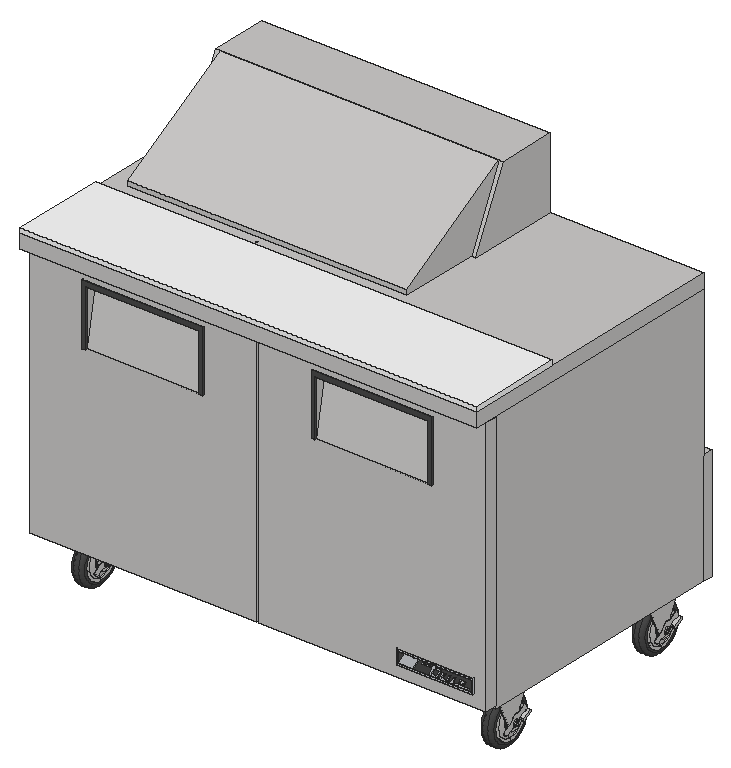
Revit family "QF_TRUE_TSSU-48-08-HC", category Specialty Equipment, Revit 2016
Family settings
  Part Type = Normal
  Round Connector Dimension = Use Diameter
  Work Plane-Based = No
  Always vertical = Yes
  Cut with Voids When Loaded = No
  Shared = No
  Room Calculation Point = No
Parameters
  Weight in Pounds = 295
  Watts = if(Phase = 3, Volts * FL Amps * 1.73, Volts * FL Amps)  # 667 W
  Volts = 115 V
  URL Cutsheet = ""
  Specification by User = ""
  Specification by Manufacturer = ""
  Show 6 Inches Seismic Flanged Legs [instance] = no
  Show Logo [instance] = yes
  Show Default Castors [instance] = if(Show 6 Inches Standard Legs, or(Show 6 Inches Seismic Flanged Legs, Show 2.5 Inches Castors), if(Show 2.5 Inches Castors, Show 6 Inches Seismic Flanged Legs, not(or(Show 6 Inches Seismic Flanged Legs, Show 2.5 Inches Castors, Show 6 Inches Standard Legs))))  # yes
  Show Clearance [instance] = yes
  Show 6 Inches Standard Legs [instance] = no
  Show 2.5 Inches Castors [instance] = no
  Serial Number = ""
  Seismic Rating = ""
  SMACNA No = ""
  Revision Code = ""
  Phase = 1
  Number of Poles = 1
  NAFEM Spec ID Number = ""
  Model = "TSSU-48-08-HC"
  Min Ckt Ampacity = 0 A
  Max Overcurrent Protection = 0 A
  Masterspec = ""
  Manufacturer = "TRUE"
  Length = 48 5/16"
  Item Number = ""
  Installed By = ""
  Identify Quantity as Lot = yes
  Height [instance] = Base Height + Body Height  # 42 15/16"
  HP = "1/3"
  Furnished By = ""
  Foodservice Equipment Identifier = yes
  FL Amps = 5.8 A
  Electrical Remarks = ""
  Electric Connection Type = ""
  Elec Conn RI Height = 0"
  Elec Conn Connection Height = 0"
  Description = "SOLID DOOR SANDWICH/SALAD UNIT WITH HYDROCARBON REFRIGERANT"
  Depth = 30 1/16"
  Cycle = 60 Hz
  Conn Plug = "NEMA 5-15P"
  Conn Conduit = yes
  CSI MasterFormat = ""
  Body Height [instance] = 36 3/4"
  Base Height [instance] = if(Show Default Castors, 6 3/16", if(Show 6 Inches Standard Legs, 6", if(Show 6 Inches Seismic Flanged Legs, 6", if(Show 2.5 Inches Castors, 2 1/2", 6 3/16"))))  # 6 3/16"
  Apparent Power = if(Phase = 3, Volts * FL Amps * 1.73, Volts * FL Amps)  # 667 VA
  6 Inches Standard Legs [instance] = and(Show 6 Inches Standard Legs, not(Show Default Castors))  # no
  6 Inches Seismic Flanged Legs [instance] = and(Show 6 Inches Seismic Flanged Legs, not(Show Default Castors))  # no
  2.5 Inches Castors [instance] = and(Show 2.5 Inches Castors, not(Show Default Castors))  # no
Reference planes (in)
  plane 1 "BACK": y = 0
  plane 2: z = 0
  plane 3 "LEFT": x = 0
  plane 4 "RIGHT": x = 48.3125
  plane 5 "FRONT": y = -30.0625
  plane 6 "TOP": z = 42.9375
  plane 7 "Center Y": x = 24.15625
  plane 8 "Center X": y = -15.03125
  plane 9: y = -51.53125
  plane 10: z = 6.1875
Dimensions and locks (in)
  equal spacing: plane 3 "LEFT", plane 7 "Center Y", plane 4 "RIGHT"
  "Length": plane 3 "LEFT" to plane 4 "RIGHT"
  equal spacing: plane 5 "FRONT", plane 8 "Center X", plane 1 "BACK"
  "Depth": plane 5 "FRONT" to plane 1 "BACK"
  "Base Height": plane 10 to level
  plane 3 "LEFT" to plane 4 "RIGHT" = 48 5/16"
  plane 9 to plane 5 "FRONT" = 21 15/32"  (x2)
  plane 9 to plane 1 "BACK" = 51 17/32"
  "Body Height": plane 6 "TOP" to plane 10
  plane 6 "TOP" to level = 42 15/16"
  aligned and locked: level to plane 2
  aligned and locked: nested 5 to plane 10
Nested families (in)
  nested 1: "CASTORS" at (2.5, -4.5, 0), Show 6" Casters <- "Show Default Castors", Show Seismic flanged legs <- "6 Inches Seismic Flanged Legs", Show Standard Legs <- "6 Inches Standard Legs", Show 2.5" Casters <- "2.5 Inches Castors", type "CASTORS"
    with Type Mark "", Status "", Specification by User "", Show Standard Legs no, Show Seismic flanged legs no, Show 6" Casters yes, Show 2.5" Casters no, Revision Code "", Key Locks yes, Item Number "", Installed By "", Identify Quantity as Lot yes, Furnished By "", Foodservice Equipment Identifier yes
  nested 2: "CASTORS" at (45.8125, -4.5, 0), Show 6" Casters <- "Show Default Castors", Show Seismic flanged legs <- "6 Inches Seismic Flanged Legs", Show Standard Legs <- "6 Inches Standard Legs", Show 2.5" Casters <- "2.5 Inches Castors", type "CASTORS"
    with Type Mark "", Status "", Specification by User "", Show Standard Legs no, Show Seismic flanged legs no, Show 6" Casters yes, Show 2.5" Casters no, Revision Code "", Key Locks yes, Item Number "", Installed By "", Identify Quantity as Lot yes, Furnished By "", Foodservice Equipment Identifier yes
  nested 3: "CASTORS" at (45.8125, -24.5, 0), Show 6" Casters <- "Show Default Castors", Show Seismic flanged legs <- "6 Inches Seismic Flanged Legs", Show Standard Legs <- "6 Inches Standard Legs", Show 2.5" Casters <- "2.5 Inches Castors", type "CASTORS"
    with Type Mark "", Status "", Specification by User "", Show Standard Legs no, Show Seismic flanged legs no, Show 6" Casters yes, Show 2.5" Casters no, Revision Code "", Key Locks yes, Item Number "", Installed By "", Identify Quantity as Lot yes, Furnished By "", Foodservice Equipment Identifier yes
  nested 4: "CASTORS" at (2.5, -24.5, 0), Show 6" Casters <- "Show Default Castors", Show Seismic flanged legs <- "6 Inches Seismic Flanged Legs", Show Standard Legs <- "6 Inches Standard Legs", Show 2.5" Casters <- "2.5 Inches Castors", type "CASTORS"
    with Type Mark "", Status "", Specification by User "", Show Standard Legs no, Show Seismic flanged legs no, Show 6" Casters yes, Show 2.5" Casters no, Revision Code "", Key Locks yes, Item Number "", Installed By "", Identify Quantity as Lot yes, Furnished By "", Foodservice Equipment Identifier yes
  nested 5: "TSSU-48-08-HC" at (0, 0, 0), Show Logo <- "Show Logo", Show Clearance <- "Show Clearance", type "TSSU-48-08-HC"
    with Show Logo yes, Show Clearance yes
Connectors (in)
  electrical at (44.42522, 1, 12.676), driven by "Volts", driven by "Watts"
    settings: on nested 5, index 1, voltage 115 V, apparent load 667 VA, apparent load phase1 0 VA, apparent load phase2 0 VA, apparent load phase3 0 VA, power factor 1, load classification "Other", number of poles 1, system type 30, power factor state 1, is connector primary yes, connector utility no, sub classification motor no, connector description "ELECTRICAL CONNECTION"
Definition of nested family "CASTORS"
  Parameters (values of type "CASTORS")
    Weight = ""
    URL Manufacturer = ""
    URL Cutsheet = ""
    URL = ""
    Type Mark [instance] = ""
    Status [instance] = ""
    Specification by User [instance] = ""
    Specification by Manufacturer = ""
    Show Standard Legs [instance] = yes
    Show Seismic flanged legs [instance] = yes
    Show 6" Casters [instance] = yes
    Show 2.5" Casters [instance] = yes
    Serial Number = ""
    Seismic Rating = ""
    SMACNA No = ""
    Revision Code [instance] = ""
    Omniclass Number and Title = ""
    NAFEM Spec ID Number = ""
    Model = ""
    MasterSpec. = ""
    Manufacturer = ""
    Key Locks [instance] = yes
    Item Number [instance] = ""
    Installed By [instance] = ""
    Identify Quantity as Lot [instance] = yes
    Furnished By [instance] = ""
    Foodservice Equipment Identifier [instance] = yes
    Description = ""
    CSI MasterFormat = ""
    CSI Master Format = ""
    Assembly Code = ""
  Reference planes (in)
    plane 1: z = 0
    plane 2 "RIGHT": x = 0
    plane 3 "FRONT": y = 0
    plane 4 "TOP": z = 6
    plane 5: z = 6.1875
  Forms (in)
    Revolve 1, solid, visible <- "Show 6" Casters"
      sketch origin (0, 2.21793, 0) x (0, 1, 0) y (0, 0, 1)
        loop
          line (-2.21793, 6.1875) -> (-2.21793, 5.55584) -> (-0.93693, 5.55584) -> (-0.93693, 6.1875) -> (-2.21793, 6.1875)
        axis (-2.21793, 5.55584) -> (-2.21793, 6.1875)
      angle from 0 to 360
    Extrusion 2, solid, visible <- "Show 6" Casters"
      sketch origin (-1.81294, 2.21793, 0) x (0, 1, 0) y (0, 0, 1)
        loop
          line (-3.37793, 5.55584) -> (-3.37793, 5.25584) -> (-3.23369, 5.25584)
          arc (-3.23369, 5.25584) -> (-3.1238, 5.20977) -> (-3.03725, 5.12786) r 0.33195
          line (-3.03725, 5.12786) -> (-1.55521, 1.94961)
          arc (-1.55521, 1.94961) -> (-0.54268, 1.81523) -> (-0.22336, 2.78544) r 0.8
          arc (-0.22336, 2.78544) -> (-0.27816, 2.89808) -> (-0.34988, 3.00079) r 0.8
          arc (-0.34988, 3.00079) -> (-0.37005, 3.3613) -> (-0.26088, 3.70547) r 1
          line (-0.26088, 3.70547) -> (0.31507, 4.78867)
          arc (0.31507, 4.78867) -> (-0.09241, 4.97284) -> (-0.5252, 5.08531) r 2.63
          line (-0.5252, 5.08531) -> (-0.54193, 5.25584) -> (-1.05793, 5.25584) -> (-1.05793, 5.55584) -> (-3.37793, 5.55584)
      from 0.78968 to 0.90247
    Extrusion 3, solid, visible <- "Show 6" Casters"
      sketch origin (0.13094, 2.21793, 0) x (0, 1, 0) y (0, 0, 1)
        loop
          line (-3.37793, 5.55584) -> (-3.37793, 5.25584) -> (-3.23369, 5.25584)
          arc (-3.23369, 5.25584) -> (-3.1238, 5.20977) -> (-3.03725, 5.12786) r 0.33195
          line (-3.03725, 5.12786) -> (-1.55521, 1.94961)
          arc (-1.55521, 1.94961) -> (-0.54268, 1.81523) -> (-0.22336, 2.78544) r 0.8
          arc (-0.22336, 2.78544) -> (-0.27816, 2.89808) -> (-0.34988, 3.00079) r 0.8
          arc (-0.34988, 3.00079) -> (-0.37005, 3.3613) -> (-0.26088, 3.70547) r 1
          line (-0.26088, 3.70547) -> (0.31507, 4.78867)
          arc (0.31507, 4.78867) -> (-0.09241, 4.97284) -> (-0.5252, 5.08531) r 2.63
          line (-0.5252, 5.08531) -> (-0.54193, 5.25584) -> (-1.05793, 5.25584) -> (-1.05793, 5.55584) -> (-3.37793, 5.55584)
      from 0.78968 to 0.90247
    Extrusion 4, solid, visible <- "Show 6" Casters"
      sketch origin (-1.93794, 2.21793, 0) x (0, 1, 0) y (0, 0, 1)
        loop
          line (-3.37793, 5.55584) -> (-3.37793, 5.25584) -> (-3.23369, 5.25584) -> (-0.7432, 5.03796) -> (0.2811, 4.72479) -> (0.31507, 4.78867)
          arc (0.31507, 4.78867) -> (-0.09241, 4.97284) -> (-0.5252, 5.08531) r 2.63
          line (-0.5252, 5.08531) -> (-0.54193, 5.25584) -> (-1.05793, 5.25584) -> (-1.05793, 5.55584) -> (-3.37793, 5.55584)
      from 1.02747 to 2.85669
    Revolve 5, solid, visible <- "Show 6" Casters"
      sketch origin (-1.93794, 1.21343, 0) x (1, 0, 0) y (0, 0, 1)
        loop
          line (0.5843, 2.5041) -> (3.2907, 2.5041) -> (3.2907, 2.6421) -> (3.2407, 2.6921) -> (3.1807, 2.6921) -> (3.1807, 2.8278) -> (2.7025, 2.8278) -> (2.7025, 3.22009) -> (2.5625, 3.30092) -> (2.42847, 4.1291) -> (2.59375, 4.1291) -> (2.59375, 4.3791) -> (2.5625, 4.3791) -> (2.5625, 4.6291)
          arc (2.5625, 4.6291) -> (2.45267, 4.89426) -> (2.1875, 5.0041) r 0.375
          line (2.1875, 5.0041) -> (1.6875, 5.0041)
          arc (1.6875, 5.0041) -> (1.42233, 4.89426) -> (1.3125, 4.6291) r 0.375
          line (1.3125, 4.6291) -> (1.3125, 4.3791) -> (1.28125, 4.3791) -> (1.28125, 4.1291) -> (1.44653, 4.1291) -> (1.31307, 3.30443) -> (1.1725, 3.22327) -> (1.1725, 2.8278) -> (0.6943, 2.8278) -> (0.6943, 2.6921) -> (0.6343, 2.6921) -> (0.5843, 2.6421) -> (0.5843, 2.5041)
        axis (0.5843, 2.5041) -> (3.2907, 2.5041)
      angle from 0 to 360
    Extrusion 6, solid, visible <- "Show 6" Casters"
      sketch origin (1.125, 2.28164, 0.06473) x (0, 1, 0) y (0, 0, 1)
        loop
          line (-2.58496, 2.03961) -> (-2.48146, 1.86034)
          arc (-2.48146, 1.86034) -> (-2.2914, 1.71451) -> (-2.05389, 1.74578) r 0.313
          line (-2.05389, 1.74578) -> (-1.65224, 1.97767)
          arc (-1.65224, 1.97767) -> (-1.57675, 2.00894) -> (-1.49574, 2.01961) r 0.313
          line (-1.49574, 2.01961) -> (-0.75504, 2.01961)
          arc (-0.75504, 2.01961) -> (-0.50047, 2.10967) -> (-0.33862, 2.32583) r 0.46592
          arc (-0.33862, 2.32583) -> (-0.3435, 2.357) -> (-0.36609, 2.37904) r 0.05
          arc (-0.36609, 2.37904) -> (-0.62217, 2.51108) -> (-0.52795, 2.78336) r 0.22
          line (-0.52795, 2.78336) -> (0.14284, 3.17074)
          arc (0.14284, 3.17074) -> (0.24081, 3.14321) -> (0.21087, 3.04595) r 0.07109
          line (0.21087, 3.04595) -> (0.3415, 2.91533)
          arc (0.3415, 2.91533) -> (0.46473, 3.10362) -> (0.42979, 3.32592) r 0.313
          line (0.42979, 3.32592) -> (0.23309, 3.66661) -> (-0.54633, 3.21661)
          arc (-0.54633, 3.21661) -> (-0.67098, 3.20163) -> (-0.79652, 3.20306) r 0.9589
          arc (-0.79652, 3.20306) -> (-1.13602, 3.13035) -> (-1.38688, 2.89031) r 0.63657
          arc (-1.38688, 2.89031) -> (-1.45411, 2.76529) -> (-1.53273, 2.64711) r 1.51617
          line (-1.53273, 2.64711) -> (-1.89213, 2.43961) -> (-2.58496, 2.03961)
      from 0 to 0.0625
    Extrusion 7, solid, visible <- "Show 6" Casters"
      sketch origin (1.125, 2.28164, 0.06473) x (0, 1, 0) y (0, 0, 1)
        loop
          arc (-0.45692, 2.6604) -> (-0.48136, 2.54745) -> (-0.36656, 2.53415) r 0.078
          line (-0.36656, 2.53415) -> (0.3415, 2.91533)
          arc (0.3415, 2.91533) -> (0.44304, 3.03852) -> (0.47061, 3.19578) r 0.313
          line (0.47061, 3.19578) -> (-0.45692, 2.6604)
      from 0 to 0.5
    Extrusion 8, solid, visible <- "Show 6" Casters"
      sketch origin (-1.125, 2.28164, 0.06473) x (0, 1, 0) y (0, 0, -1)
        loop
          line (-2.58496, -2.03961) -> (-1.89213, -2.43961) -> (-1.53273, -2.64711)
          arc (-1.53273, -2.64711) -> (-1.45411, -2.76529) -> (-1.38688, -2.89031) r 1.51617
          arc (-1.38688, -2.89031) -> (-1.13602, -3.13035) -> (-0.79652, -3.20306) r 0.63657
          arc (-0.79652, -3.20306) -> (-0.67098, -3.20163) -> (-0.54633, -3.21661) r 0.9589
          line (-0.54633, -3.21661) -> (0.23309, -3.66661) -> (0.42979, -3.32592)
          arc (0.42979, -3.32592) -> (0.46473, -3.10362) -> (0.3415, -2.91533) r 0.313
          line (0.3415, -2.91533) -> (0.21087, -3.04595)
          arc (0.21087, -3.04595) -> (0.24081, -3.14321) -> (0.14284, -3.17074) r 0.07109
          line (0.14284, -3.17074) -> (-0.52795, -2.78336)
          arc (-0.52795, -2.78336) -> (-0.62217, -2.51108) -> (-0.36609, -2.37904) r 0.22
          arc (-0.36609, -2.37904) -> (-0.3435, -2.357) -> (-0.33862, -2.32583) r 0.05
          arc (-0.33862, -2.32583) -> (-0.50047, -2.10967) -> (-0.75504, -2.01961) r 0.46592
          line (-0.75504, -2.01961) -> (-1.49574, -2.01961)
          arc (-1.49574, -2.01961) -> (-1.57675, -2.00894) -> (-1.65224, -1.97767) r 0.313
          line (-1.65224, -1.97767) -> (-2.05389, -1.74578)
          arc (-2.05389, -1.74578) -> (-2.2914, -1.71451) -> (-2.48146, -1.86034) r 0.313
          line (-2.48146, -1.86034) -> (-2.58496, -2.03961)
      from 0 to 0.0625
    Extrusion 9, solid, visible <- "Show 6" Casters"
      sketch origin (-1.125, 2.28164, 0.06473) x (0, 1, 0) y (0, 0, -1)
        loop
          line (-0.45692, -2.6604) -> (0.47061, -3.19578)
          arc (0.47061, -3.19578) -> (0.44304, -3.03852) -> (0.3415, -2.91533) r 0.313
          line (0.3415, -2.91533) -> (-0.36656, -2.53415)
          arc (-0.36656, -2.53415) -> (-0.48136, -2.54745) -> (-0.45692, -2.6604) r 0.078
      from 0 to 0.5
    Revolve 10, solid, visible <- "Show Standard Legs"
      sketch origin (11.12172, 0, 0) x (-1, 0, 0) y (0, 0, -1)
        loop
          line (11.12172, -6.125) -> (11.12172, 0) -> (10.62172, 0) -> (10.62172, -1.30261) -> (10.37172, -1.30261) -> (10.37172, -6.125) -> (11.12172, -6.125)
        axis (11.12172, 0) -> (11.12172, -6.125)
      angle from 0 to 360
    Extrusion 11, solid, visible <- "Show Seismic flanged legs"
      sketch origin (0, 0, 0) x (1, 0, 0) y (0, 1, 0)
        loop
          circle (-0.00825, 0) r 1
      from 0 to 0.125
    Revolve 12, solid, visible <- "Show Seismic flanged legs"
      sketch origin (11.12172, 0, 0) x (-1, 0, 0) y (0, 0, -1)
        loop
          line (11.12172, -6.125) -> (11.12172, -0.125) -> (10.62172, -0.125) -> (10.62172, -1.30261) -> (10.37172, -1.30261) -> (10.37172, -6.125) -> (11.12172, -6.125)
        axis (11.12172, -0.125) -> (11.12172, -6.125)
      angle from 0 to 360
    Revolve 13, solid, visible <- "Show Standard Legs"
      sketch origin (-2.21793, 0, 0.25) x (-1, 0, 0) y (0, 0, 1)
        loop
          line (-2.21793, 5.875) -> (-2.21793, 5.55584) -> (-0.93693, 5.55584) -> (-0.93693, 5.875) -> (-2.21793, 5.875)
        axis (-2.21793, 5.55584) -> (-2.21793, 5.875)
      angle from 0 to 360
  Cuts and joins
    joined: Extrusion 2, Extrusion 3, Extrusion 4
  Lines and regions (in)
    symbolic lines, visible <- "Show 6" Casters"
      curve 1: line (0.70901, 2.6399, 0) -> (1.79507, 2.01286, 0)
      curve 2: line (-1.79099, -1.69023, 0) -> (-0.91599, -0.17468, 0)
      curve 3: line (-0.70493, -2.31727, 0) -> (-1.79099, -1.69023, 0)
      curve 4: line (1.79507, 2.01286, 0) -> (0.92007, 0.49732, 0)
      curve 5: line (-0.16599, 1.12436, 0) -> (0.70901, 2.6399, 0)
      curve 6: line (0.17007, -0.80172, 0) -> (-0.70493, -2.31727, 0)
  Dimensions and locks (in)
    plane 4 "TOP" to level = 6"  (x2)
    Revolve 5 sketch curve to Revolve 5 sketch curve = 2 1/2"
    plane 5 to level = 6 3/16"
    locked: Revolve 10 sketch curve to Revolve 10 sketch curve at 1.30261
    locked: Revolve 10 sketch curve to Revolve 10 sketch curve at 0.75
    locked: Revolve 12 sketch curve to Revolve 12 sketch curve at 0.75
    aligned and locked: level to plane 1
  Nested families (in)
    nested 1: "2.5 INCHES_CASTER" at (0, 0, 0), visible <- "Show 2.5" Casters", type "2.5 INCHES_CASTER"
      with Type Mark "", Specification by User "", Revision Code "", Item Number "", Installed By "", Identify Quantity as Lot yes, Furnished By "", Foodservice Equipment Identifier yes, 2.5 Inches Caster yes
  Definition of nested family "2.5 INCHES_CASTER"
    Parameters (values of type "2.5 INCHES_CASTER")
      Weight = ""
      URL Manufacturer = ""
      URL Cutsheet = ""
      URL = ""
      Type Mark [instance] = ""
      Specification by User [instance] = ""
      Specification by Manufacturer = ""
      Serial Number = ""
      Seismic Rating = ""
      SMACNA No = ""
      Revision Code [instance] = ""
      Omniclass Number and Title = ""
      NAFEM Spec ID Number = ""
      Model = ""
      MasterSpec. = ""
      Manufacturer = ""
      Item Number [instance] = ""
      Installed By [instance] = ""
      Identify Quantity as Lot [instance] = yes
      Furnished By [instance] = ""
      Foodservice Equipment Identifier [instance] = yes
      Description = ""
      CSI MasterFormat = ""
      CSI Master Format = ""
      Assembly Code = ""
      2.5 Inches Caster [instance] = yes
    Reference planes (in)
      plane 1: z = 0
      plane 2 "RIGHT": x = 0
      plane 3 "FRONT": y = 0
      plane 4 "TOP": z = 2.5
    Forms (in)
      Revolve 1, solid
        sketch origin (-1.93794, 0.46818, -1.0041) x (1, 0, 0) y (0, 0, 1)
          loop
            line (0.74055, 1.92597) -> (0.74055, 1.85047) -> (0.79055, 1.80047) -> (0.85055, 1.80047) -> (0.85055, 1.6804) -> (1.235, 1.6804) -> (1.235, 1.61305) -> (1.38673, 1.52545) -> (1.4003, 1.4416) -> (1.34375, 1.4416) -> (1.34375, 1.3166) -> (1.375, 1.3166) -> (1.375, 1.0041) -> (2.48438, 1.0041) -> (2.48438, 1.3166) -> (2.51563, 1.3166) -> (2.51563, 1.4416) -> (2.45908, 1.4416) -> (2.47322, 1.52897) -> (2.62438, 1.61624) -> (2.62438, 1.6804) -> (3.04007, 1.6804) -> (3.04007, 1.80047) -> (3.10007, 1.80047) -> (3.15007, 1.85047) -> (3.15007, 1.92597) -> (0.74055, 1.92597)
          axis (0.74055, 1.92597) -> (3.15007, 1.92597)
        angle from 0 to 360
      Extrusion 2, solid
        sketch origin (-1.93794, 1.43296, -3.2541) x (0, 1, 0) y (0, 0, 1)
          loop
            line (-0.64294, 5.43229) -> (-0.64294, 5.55298) -> (-2.21294, 5.55298) -> (-2.21294, 5.30272) -> (-1.81966, 5.30272)
            arc (-1.81966, 5.30272) -> (-1.13638, 5.20789) -> (-0.46376, 5.05475) r 8.02767
            arc (-0.46376, 5.05475) -> (-0.19511, 4.95469) -> (0.05138, 4.80832) r 1.60049
            line (0.05138, 4.80832) -> (0.12713, 4.91318)
            arc (0.12713, 4.91318) -> (-0.07255, 5.06376) -> (-0.29048, 5.18644) r 1.8753
            line (-0.29048, 5.18644) -> (-0.22239, 5.30423)
            arc (-0.22239, 5.30423) -> (-0.42776, 5.38437) -> (-0.64294, 5.43229) r 1.44292
        from 1.17357 to 2.70231
      Revolve 3, solid
        sketch origin (0, 1.73858, -3.75) x (0, 1, 0) y (0, 0, 1)
          loop
            line (-1.73858, 6.25) -> (-1.73858, 6.04889) -> (-1.05793, 6.04889) -> (-1.05793, 6.25) -> (-1.73858, 6.25)
          axis (-1.73858, 6.04889) -> (-1.73858, 6.25)
        angle from 0 to 360
      Extrusion 4, solid
        sketch origin (-1.98481, 1.43296, -1.7541) x (0, 1, 0) y (0, 0, 1)
          loop
            line (-2.21294, 4.05298) -> (-2.21294, 3.80272) -> (-2.13999, 3.80272)
            arc (-2.13999, 3.80272) -> (-1.62379, 3.51899) -> (-1.39241, 2.97729) r 0.90292
            arc (-1.39241, 2.97729) -> (-1.36136, 2.78161) -> (-1.29729, 2.59413) r 1.15385
            arc (-1.29729, 2.59413) -> (-0.94802, 2.37355) -> (-0.6121, 2.61396) r 0.37001
            arc (-0.6121, 2.61396) -> (-0.59625, 2.66241) -> (-0.58446, 2.712) r 0.61695
            arc (-0.58446, 2.712) -> (-0.36134, 3.11665) -> (0.05609, 3.31484) r 0.75313
            line (0.05609, 3.31484) -> (0.12713, 3.41318)
            arc (0.12713, 3.41318) -> (-0.07255, 3.56376) -> (-0.29048, 3.68644) r 1.8753
            line (-0.29048, 3.68644) -> (-0.22239, 3.80423)
            arc (-0.22239, 3.80423) -> (-0.42776, 3.88437) -> (-0.64294, 3.93229) r 1.44292
            line (-0.64294, 3.93229) -> (-0.64294, 4.05298) -> (-2.21294, 4.05298)
        from 2.74918 to 2.90825
      Extrusion 5, solid
        sketch origin (1.98481, 1.43296, -1.7541) x (0, 1, 0) y (0, 0, -1)
          loop
            line (-2.21294, -4.05298) -> (-0.64294, -4.05298) -> (-0.64294, -3.93229)
            arc (-0.64294, -3.93229) -> (-0.42776, -3.88437) -> (-0.22239, -3.80423) r 1.44292
            line (-0.22239, -3.80423) -> (-0.29048, -3.68644)
            arc (-0.29048, -3.68644) -> (-0.07255, -3.56376) -> (0.12713, -3.41318) r 1.8753
            line (0.12713, -3.41318) -> (0.05609, -3.31484)
            arc (0.05609, -3.31484) -> (-0.36134, -3.11665) -> (-0.58446, -2.712) r 0.75313
            arc (-0.58446, -2.712) -> (-0.59625, -2.66241) -> (-0.6121, -2.61396) r 0.61695
            arc (-0.6121, -2.61396) -> (-0.94802, -2.37355) -> (-1.29729, -2.59413) r 0.37001
            arc (-1.29729, -2.59413) -> (-1.36136, -2.78161) -> (-1.39241, -2.97729) r 1.15385
            arc (-1.39241, -2.97729) -> (-1.62379, -3.51899) -> (-2.13999, -3.80272) r 0.90292
            line (-2.13999, -3.80272) -> (-2.21294, -3.80272) -> (-2.21294, -4.05298)
        from 2.74918 to 2.90825
    Lines and regions (in)
      symbolic lines, visible <- "2.5 Inches Caster"
        curve 1: line (0.19673, 1.08498, 0) -> (0.89966, 0.67914, 0)
        curve 2: line (-0.80327, -0.64707, 0) -> (0.19673, 1.08498, 0)
        curve 3: line (-0.10034, -1.05291, 0) -> (-0.80327, -0.64707, 0)
        curve 4: line (0.89966, 0.67914, 0) -> (-0.10034, -1.05291, 0)
    Dimensions and locks (in)
      plane 4 "TOP" to level = 2 1/2"  (x2)
      aligned and locked: level to plane 1
Definition of nested family "TSSU-48-08-HC"
  Parameters (values of type "TSSU-48-08-HC")
    Weight in Pounds = 295
    Watts = if(Phase = 3, Volts * FL Amps * 1.73, Volts * FL Amps)  # 667 W
    Volts = 115 V
    URL Cutsheet = ""
    Specification by User = ""
    Specification by Manufacturer = ""
    Show Logo [instance] = yes
    Show Clearance [instance] = yes
    Serial Number = ""
    Seismic Rating = ""
    SMACNA No = ""
    Revision Code = ""
    Phase = 1
    Number of Poles = 1
    NAFEM Spec ID Number = ""
    Model = "TSSU-48-08-HC"
    Min Ckt Ampacity = 0 A
    Max Overcurrent Protection = 0 A
    Masterspec = ""
    Manufacturer = "TRUE"
    Length = 48 5/16"
    Item Number = ""
    Installed By = ""
    Identify Quantity as Lot = yes
    Height = 42 15/16"
    HP = "1/3"
    Furnished By = ""
    Foodservice Equipment Identifier = yes
    FL Amps = 5.8 A
    Electrical Remarks = ""
    Electric Connection Type = ""
    Elec Conn RI Height = 0"
    Elec Conn Connection Height = 0"
    Description = "SOLID DOOR SANDWICH/SALAD UNIT WITH HYDROCARBON REFRIGERANT"
    Depth = 30 1/16"
    Cycle = 60 Hz
    Conn Plug = "NEMA 5-15P"
    Conn Conduit = yes
    CSI MasterFormat = ""
    Apparent Power = if(Phase = 3, Volts * FL Amps * 1.73, Volts * FL Amps)  # 667 VA
  Reference planes (in)
    plane 1 "BACK": y = 0
    plane 2: z = 0
    plane 3 "LEFT": x = 0
    plane 4 "RIGHT": x = 48.3125
    plane 5 "FRONT": y = -30.0625
    plane 6 "TOP": z = 42.9375
    plane 7 "Center Y": x = 24.15625
    plane 8 "Center X": y = -15.03125
    plane 9: y = -51.53125
    plane 10: y = 1
    plane 11: z = 6.1875
    plane 12: z = 3.875
    plane 13: x = 2.5
    plane 14: x = 71.8125
  Forms (in)
    Extrusion 1, solid, visible <- "Show Clearance", detail levels coarse
      sketch origin (0, 0.5, 0) x (0, 1, 0) y (0, 0, 1)
        loop
          line (-6.625, 42.9375) -> (-10.375, 46.6875)
          arc (-10.375, 46.6875) -> (-16.31632, 42.66452) -> (-18.8125, 35.9375) r 11.75537
          line (-18.8125, 35.9375) -> (-6.625, 42.9375)
      from 2.03125 to 31.53125
    Extrusion 2, solid
      sketch origin (0, 1, 0) x (0, 1, 0) y (0, 0, 1)
        loop
          line (-31.0625, 35.4375) -> (-31.0625, 33.9375) -> (-1, 33.9375) -> (-1, 35.4375) -> (-31.0625, 35.4375)
      from 0 to 48.3125
    Extrusion 3, solid
      sketch origin (0, 1, 0) x (0, 1, 0) y (0, 0, 1)
        loop
          line (-31.0625, 35.4375) -> (-21.0625, 35.4375) -> (-21.0625, 35.9375) -> (-31.0625, 35.9375) -> (-31.0625, 35.4375)
      from 0 to 48.3125
    Extrusion 4, solid
      sketch origin (0, 1, 0) x (0, 1, 0) y (0, 0, 1)
        loop
          line (-1, 42.9375) -> (-7.125, 42.9375) -> (-10.78299, 35.4375) -> (-1, 35.4375) -> (-1, 42.9375)
      from 1.53125 to 32.03125
    Extrusion 5, solid
      sketch origin (0, 1, 0) x (0, 1, 0) y (0, 0, 1)
        loop
          line (-7.125, 42.9375) -> (-19.3125, 35.9375) -> (-19.3125, 35.4375) -> (-10.78299, 35.4375) -> (-7.125, 42.9375)
      from 2.03125 to 31.53125
    Extrusion 6, solid
      sketch origin (0, 1, 0) x (0, 1, 0) y (0, 0, 1)
        loop
          line (-1, 33.9375) -> (-28.5625, 33.9375) -> (-28.5625, 6.1875) -> (-1, 6.1875) -> (-1, 33.9375)
      from 0 to 48.3125
    Extrusion 7, solid
      sketch origin (64.0625, -27.5625, 31.6875) x (0, 0, -1) y (-1, 0, 0)
        loop
          line (-2.125, 64.0625) -> (-2.125, 40.03125) -> (25.25, 40.03125) -> (25.25, 64.0625) -> (-2.125, 64.0625)
        loop
          line (25.25, 15.75) -> (25.25, 39.78125) -> (-2.125, 39.78125) -> (-2.125, 15.75) -> (25.25, 15.75)
        loop
          line (5.71362, 58.04687) -> (-0.78638, 58.04687) -> (-0.78638, 46.04687) -> (5.71362, 46.04687) -> (5.71362, 58.04687)
        loop
          line (5.71362, 33.76562) -> (-0.78638, 33.76562) -> (-0.78638, 21.76562) -> (5.71362, 21.76562) -> (5.71362, 33.76562)
      from 0 to -1.25
    Revolve 8, solid
      sketch origin (6, 1, 0) x (0, 1, 0) y (0, 0, 1)
        loop
          line (-0.60959, 31.00269) -> (-1, 31.00269) -> (-1, 30.3931) -> (0, 30.3931)
          arc (0, 30.3931) -> (-0.17855, 30.82414) -> (-0.60959, 31.00269) r 0.60959
        axis (0, 30.3931) -> (-1, 30.3931)
      angle from 0 to 360
    Extrusion 9, solid
      sketch origin (-6.875, 1, 2.25) x (0, 1, 0) y (0, 0, 1)
        loop
          line (-1.5, 3.9375) -> (-24.63489, 3.9375) -> (-24.63489, 1.625) -> (-1.5, 1.625) -> (-1.5, 3.9375)
      from 22.9375 to 35.5625
    Extrusion 10, solid
      sketch origin (5.96875, -27.5625, 25.97388) x (0, 0, 1) y (0, -1, 0)
        loop
          line (0, 1.25) -> (0, 0) -> (6.5, 0) -> (0, 1.25)
      from 12.04688 to 0.04688
    Sweep 11, solid
      path origin (-3.46875, 0.20441, 3.45605) x (1, 0, 0) y (0, -0.498053, 0.867146)
        loop
          line (22.25, 35.4375) -> (22.25, 35.6875)
          arc (22.25, 35.6875) -> (22.10355, 36.04105) -> (21.75, 36.1875) r 0.5
          line (21.75, 36.1875) -> (18.75, 36.1875)
          arc (18.75, 36.1875) -> (18.39645, 36.04105) -> (18.25, 35.6875) r 0.5
          line (18.25, 35.6875) -> (18.25, 35.4375)
      profile origin (16.78125, -17.81889, 34.83591) x (0, 0.498053, -0.867146) y (0, -0.867146, -0.498053)
        loop
          circle (0, 0) r 0.25
    Extrusion 12, solid
      sketch origin (0, 0.875, 8.4375) x (0, 0, 1) y (1, 0, 0)
        loop
          circle (4.2385, 44.42522) r 0.5
      from 0 to 0.125
    Extrusion 13, solid
      sketch origin (64.0625, -28.8125, 31.6875) x (0, 0, 1) y (-1, 0, 0)
        loop
          line (-5.71362, 58.42187) -> (-5.71362, 58.04687) -> (0.28638, 58.04687) -> (0.28638, 46.04687) -> (-5.71362, 46.04687) -> (-5.71362, 45.67187) -> (0.78638, 45.67187) -> (0.78638, 58.42187) -> (-5.71362, 58.42187)
      from 0 to 0.125
    Extrusion 14, solid
      sketch origin (42.34375, -27.5625, 25.97388) x (0, 0, 1) y (0, 1, 0)
        loop
          line (0, -1.25) -> (6.5, 0) -> (0, 0) -> (0, -1.25)
      from 12.04688 to 0.04688
    Extrusion 15, solid
      sketch origin (-15.75, -28.8125, 31.6875) x (0, 0, 1) y (-1, 0, 0)
        loop
          line (-5.71362, -58.42187) -> (0.78638, -58.42187) -> (0.78638, -45.67187) -> (-5.71362, -45.67187) -> (-5.71362, -46.04687) -> (0.28638, -46.04687) -> (0.28638, -58.04687) -> (-5.71362, -58.04687) -> (-5.71362, -58.42187)
      from 0 to 0.125
    Revolve 16, solid
      sketch origin (42.3125, 1, 0) x (0, 1, 0) y (0, 0, -1)
        loop
          arc (-0.60959, -31.00269) -> (-0.17855, -30.82414) -> (0, -30.3931) r 0.60959
          line (0, -30.3931) -> (-1, -30.3931) -> (-1, -31.00269) -> (-0.60959, -31.00269)
        axis (0, -30.3931) -> (-1, -30.3931)
      angle from 0 to 360
    Extrusion 17, solid
      sketch origin (0, 0, 0) x (0, 1, 0) y (0, 0, 1)
        loop
          line (0, 6.1875) -> (1, 6.1875) -> (1, 18.1875) -> (0, 18.1875) -> (0, 6.1875)
      from 0 to 48.3125
    Extrusion 18, solid, visible <- "Show Clearance", detail levels coarse
      sketch origin (48.3125, -27.5625, 6.4375) x (0, 1, 0) y (1, 0, 0)
        loop
          line (-1.25, -48.3125) -> (-1.25, -24.28125)
          arc (-1.25, -24.28125) -> (-17.27388, -31.88712) -> (-23.96875, -48.3125) r 24.50649
          line (-23.96875, -48.3125) -> (-1.25, -48.3125)
        loop
          line (-1.25, 0) -> (-23.96875, 0)
          arc (-23.96875, 0) -> (-17.27388, -16.42538) -> (-1.25, -24.03125) r 24.50649
          line (-1.25, -24.03125) -> (-1.25, 0)
      from 0 to -27.375
  Lines and regions (in)
    symbolic lines
      curve 1: line (2.75415, -15.81056, 0) -> (30.80835, -15.81056, 0)
      curve 2: line (2.75415, -2.31056, 0) -> (2.75415, -15.81056, 0)
      curve 3: line (30.80835, -2.31056, 0) -> (2.75415, -2.31056, 0)
      curve 4: line (9.7677, -2.31056, 0) -> (9.7677, -15.81056, 0)
      curve 5: line (2.75415, -9.06056, 0) -> (30.80835, -9.06056, 0)
      curve 6: line (0, -30.0625, 0) -> (48.3125, -30.0625, 0)
      curve 7: line (0, 0, 0) -> (0, -30.0625, 0)
      curve 8: line (48.3125, 0, 0) -> (0, 0, 0)
      curve 9: line (48.3125, -30.0625, 0) -> (48.3125, 0, 0)
      curve 10: line (1.53125, 0, 0) -> (1.53125, -9.78299, 0)
      curve 11: line (1.53125, -6.125, 0) -> (32.03125, -6.125, 0)
      curve 12: line (32.03125, -9.78299, 0) -> (32.03125, 0, 0)
      curve 13: line (32.03125, -9.78299, 0) -> (31.53125, -9.78299, 0)
      curve 14: line (31.53125, -6.125, 0) -> (31.53125, -18.3125, 0)
      curve 15: line (31.53125, -18.3125, 0) -> (2.03125, -18.3125, 0)
      curve 16: line (2.03125, -18.3125, 0) -> (2.03125, -6.125, 0)
      curve 17: line (1.53125, -9.78299, 0) -> (2.03125, -9.78299, 0)
      curve 18: line (2.03125, -6.625, 0) -> (31.53125, -6.625, 0)
      curve 19: arc (5.39041, 0.39041, 0) -> (6, 1, 0) -> (6.60959, 0.39041, 0) r 0.60959
      curve 20: line (5.39041, 0.39041, 0) -> (5.39041, 0, 0)
      curve 21: line (6.60959, 0, 0) -> (6.60959, 0.39041, 0)
      curve 22: arc (42.92209, 0.39041, 0) -> (42.3125, 1, 0) -> (41.70291, 0.39041, 0) r 0.60959
      curve 23: line (42.92209, 0.39041, 0) -> (42.92209, 0, 0)
      curve 24: line (41.70291, 0, 0) -> (41.70291, 0.39041, 0)
      curve 25: line (0, -20.0625, 0) -> (48.3125, -20.0625, 0)
      curve 26: line (30.80835, -2.31056, 0) -> (30.80835, -15.81056, 0)
      curve 27: line (16.78125, -2.31056, 0) -> (16.78125, -15.81056, 0)
      curve 28: line (23.7948, -2.31056, 0) -> (23.7948, -15.81056, 0)
    symbolic lines, visible <- "Show Clearance"
      curve 29: line (48.3125, -30.0625, 0) -> (28.81476, -41.31953, 0)
      curve 30: arc (28.81476, -41.31953, 0) -> (25.90468, -35.96723, 0) -> (24.40478, -30.0625, 0) r 24.50649
      curve 31: line (0, -30.0625, 0) -> (19.49774, -41.31953, 0)
      curve 32: arc (19.49774, -41.31953, 0) -> (22.40782, -35.96723, 0) -> (23.90772, -30.0625, 0) r 24.50649
  Dimensions and locks (in)
    equal spacing: plane 3 "LEFT", plane 7 "Center Y", plane 4 "RIGHT"
    "Length": plane 3 "LEFT" to plane 4 "RIGHT"
    equal spacing: plane 5 "FRONT", plane 8 "Center X", plane 1 "BACK"
    "Depth": plane 5 "FRONT" to plane 1 "BACK"
    "Height": plane 6 "TOP" to level
    plane 3 "LEFT" to plane 4 "RIGHT" = 48 5/16"
    plane 3 "LEFT" to Extrusion 4 to Extrusion 4 to plane 4 "RIGHT" = 1 17/32", 30 1/2", 16 9/32"
    Extrusion 9 to Extrusion 9 to plane 4 "RIGHT" = 12 5/8", 19 5/8"
    Extrusion 5 to plane 1 "BACK" = 18 5/16"
    Extrusion 5 to plane 1 "BACK" = 6 1/8"
    plane 9 to plane 5 "FRONT" = 21 15/32"  (x2)
    plane 10 to plane 9 = 52 17/32"
    plane 5 "FRONT" to plane 1 "BACK" = 30 1/16"
    plane 1 "BACK" to plane 10 = 1"
    plane 12 to plane 2 = 3 7/8"
    plane 11 to plane 12 = 2 5/16"
    Extrusion 4 to plane 3 "LEFT" = 32 1/32"
    Extrusion 1 to Extrusion 3 = 10 3/4"  (x2)
    plane 11 to plane 2 = 6 3/16"
    Extrusion 3 to Extrusion 3 = 1/2"
    plane 9 to plane 10 = 52 17/32"
    plane 6 "TOP" to plane 11 = 36 3/4"
    Extrusion 3 to plane 2 = 35 15/16"
    Extrusion 3 to plane 11 = 29 3/4"
    plane 6 "TOP" to Extrusion 3 = 7"
    Extrusion 1 to plane 2 = 46 11/16"
    aligned and locked: level to plane 2
  Automatic sketch dimensions
    Extrusion 1 sketch curve to plane 6 "TOP" = 0"
    Extrusion 1 sketch curve to plane 8 "Center X" = 3 9/32"
    plane 8 "Center X" to Extrusion 1 sketch curve = 5 5/32"
    plane 1 "BACK" to Extrusion 1 sketch curve = 6.56913"
    Extrusion 1 sketch curve to Extrusion 1 sketch curve = 3 3/4"
    Extrusion 1 sketch curve to plane 6 "TOP" = 7"
    Extrusion 1 sketch curve to plane 6 "TOP" = 7.53095"
    Extrusion 2 sketch curve to plane 5 "FRONT" = 0"
    Extrusion 2 sketch curve to plane 1 "BACK" = 0"
    Extrusion 2 sketch curve to plane 6 "TOP" = 9"
    Extrusion 2 sketch curve to Extrusion 2 sketch curve = 1 1/2"
    Extrusion 3 sketch curve to plane 5 "FRONT" = 0"
    Extrusion 3 sketch curve to plane 8 "Center X" = 5 1/32"
    Extrusion 3 sketch curve to plane 6 "TOP" = 7 1/2"
    Extrusion 3 sketch curve to Extrusion 3 sketch curve = 1/2"
    Extrusion 4 sketch curve to plane 6 "TOP" = 0"
    Extrusion 4 sketch curve to plane 1 "BACK" = 0"
    plane 1 "BACK" to Extrusion 4 sketch curve = 6 1/8"
    plane 8 "Center X" to Extrusion 4 sketch curve = 5.24826"
    Extrusion 4 sketch curve to plane 6 "TOP" = 7 1/2"
    Extrusion 5 sketch curve to plane 6 "TOP" = 0"
    Extrusion 5 sketch curve to plane 8 "Center X" = 3 9/32"
    plane 8 "Center X" to Extrusion 5 sketch curve = 5.24826"
    plane 1 "BACK" to Extrusion 5 sketch curve = 6 1/8"
    Extrusion 5 sketch curve to plane 6 "TOP" = 7"
    Extrusion 5 sketch curve to plane 6 "TOP" = 7 1/2"
    plane 11 to Extrusion 6 sketch curve = 0"
    Extrusion 6 sketch curve to plane 1 "BACK" = 0"
    Extrusion 6 sketch curve to plane 5 "FRONT" = 2 1/2"
    Extrusion 6 sketch curve to plane 6 "TOP" = 9"
    Extrusion 7 sketch curve to plane 3 "LEFT" = 0"
    plane 4 "RIGHT" to Extrusion 7 sketch curve = 0"
    Extrusion 7 sketch curve to plane 6 "TOP" = 9 1/8"
    Extrusion 7 sketch curve to Extrusion 7 sketch curve = 0"
    Extrusion 7 sketch curve to Extrusion 7 sketch curve = 1.33862"  (x2)
    Extrusion 7 sketch curve to Extrusion 7 sketch curve = 6 1/2"  (x2)
    plane 7 "Center Y" to Extrusion 7 sketch curve = 1/8"
    Extrusion 7 sketch curve to plane 11 = 1/4"  (x2)
    Extrusion 7 sketch curve to plane 7 "Center Y" = 1/8"
    plane 4 "RIGHT" to Extrusion 7 sketch curve = 6 1/64"
    plane 7 "Center Y" to Extrusion 7 sketch curve = 6 9/64"
    Extrusion 7 sketch curve to plane 7 "Center Y" = 6 9/64"
    plane 13 to Extrusion 7 sketch curve = 3 33/64"
    Revolve 8 sketch curve to plane 1 "BACK" = 0"
    Revolve 8 sketch curve to plane 10 = 0"  (x2)
    Revolve 8 sketch curve to Revolve 8 sketch curve = 0.39041"
    Revolve 8 sketch curve to plane 6 "TOP" = 12.5444"
    plane 1 "BACK" to Revolve 8 sketch curve = 3 3/4"
    Revolve 8 sketch curve to Revolve 8 sketch curve = 0"
    plane 11 to Extrusion 9 sketch curve = 0"
    Extrusion 9 sketch curve to plane 12 = 0"
    Extrusion 9 sketch curve to plane 5 "FRONT" = 6.42761"
    plane 1 "BACK" to Extrusion 9 sketch curve = 1/2"
    Extrusion 10 sketch curve to plane 5 "FRONT" = 1 1/4"
    Extrusion 10 sketch curve to plane 6 "TOP" = 16.96362"
    Extrusion 10 sketch curve to plane 5 "FRONT" = 2 1/2"
    Extrusion 10 sketch curve to Extrusion 10 sketch curve = 6 1/2"
    Sweep 11 sketch curve to plane 7 "Center Y" = 9 3/8"
    Sweep 11 sketch curve to Sweep 11 sketch curve = 1/2"  (x2)
    Sweep 11 sketch curve to Sweep 11 sketch curve = 3"
    Sweep 11 sketch curve to Sweep 11 sketch curve = 1/4"  (x2)
    Sweep 11 sketch curve to profile plane = 0"
    profile plane to Sweep 11 sketch curve = 0"
    Extrusion 13 sketch curve to Extrusion 7 = 0"  (x4)
    Extrusion 7 to Extrusion 13 sketch curve = 0"
    Extrusion 7 to Extrusion 13 sketch curve = 1/2"
    Extrusion 13 sketch curve to Extrusion 7 = 3/8"  (x2)
    Extrusion 14 sketch curve to plane 5 "FRONT" = 1 1/4"
    Extrusion 14 sketch curve to plane 6 "TOP" = 16.96362"
    Extrusion 14 sketch curve to plane 5 "FRONT" = 2 1/2"
    Extrusion 14 sketch curve to Extrusion 14 sketch curve = 6 1/2"
    Extrusion 15 sketch curve to Extrusion 7 = 0"  (x4)
    Extrusion 7 to Extrusion 15 sketch curve = 0"
    Extrusion 7 to Extrusion 15 sketch curve = 1/2"
    Extrusion 15 sketch curve to Extrusion 15 sketch curve = 3/8"
    Extrusion 15 sketch curve to Extrusion 7 = 3/8"
    Revolve 16 sketch curve to plane 1 "BACK" = 0"
    Revolve 16 sketch curve to plane 10 = 0"  (x2)
    Revolve 16 sketch curve to Revolve 16 sketch curve = 0.39041"
    Revolve 16 sketch curve to plane 6 "TOP" = 11.93481"
    plane 1 "BACK" to Revolve 16 sketch curve = 3 3/4"
    Revolve 16 sketch curve to Revolve 16 sketch curve = 0"
    Extrusion 17 sketch curve to plane 1 "BACK" = 0"
    Extrusion 17 sketch curve to plane 10 = 0"
    plane 11 to Extrusion 17 sketch curve = 0"
    Extrusion 17 sketch curve to plane 11 = 12"
    Extrusion 12 sketch curve to Extrusion 17 = 6.4885"
    Extrusion 17 to Extrusion 12 sketch curve = 3.88728"
    Extrusion 18 sketch curve to Extrusion 7 = 0"  (x3)
    Extrusion 7 to Extrusion 18 sketch curve = 0"
    Extrusion 18 sketch curve to Extrusion 18 sketch curve = 22 23/32"  (x2)
    Extrusion 7 to Extrusion 18 sketch curve = 0.5343"
    Extrusion 18 sketch curve to Extrusion 7 = 0.41019"
    Extrusion 18 sketch curve to Extrusion 18 sketch curve = 1/4"
    Extrusion 18 sketch curve to Extrusion 18 sketch curve = 24 1/32"
    curve 6 to plane 3 "LEFT" = 0"
    plane 1 "BACK" to curve 10 = 0"
    plane 5 "FRONT" to curve 32 = 0"
    curve 29 to plane 4 "RIGHT" = 0"
    curve 32 to plane 3 "LEFT" = 0.41019"
    curve 10 to plane 13 = 31/32"
    curve 15 to plane 13 = 15/32"
    plane 13 to curve 2 = 0.25415"
    curve 20 to plane 1 "BACK" = 0.39041"
    plane 13 to curve 20 = 2.89041"
    curve 19 to curve 19 = 0.60959"
    curve 31 to plane 7 "Center Y" = 4.65851"
    plane 7 "Center Y" to curve 29 = 4.65851"
    plane 1 "BACK" to curve 26 = 2.31056"
    plane 7 "Center Y" to curve 26 = 6.6521"
    curve 1 to curve 14 = 0.7229"
    curve 13 to curve 12 = 1/2"
    curve 24 to plane 1 "BACK" = 0.39041"
    plane 4 "RIGHT" to curve 24 = 6.60959"
    curve 24 to curve 22 = 0.60959"
    curve 30 to plane 4 "RIGHT" = 0.41019"
    plane 9 to curve 29 = 10.21172"
    curve 31 to curve 30 = 0"
    curve 32 to plane 5 "FRONT" = 3.0343"
    curve 30 to plane 5 "FRONT" = 3.0343"
    curve 16 to plane 8 "Center X" = 3 9/32"
    curve 1 to plane 8 "Center X" = 0.77931"
    plane 8 "Center X" to curve 17 = 5.24826"
    plane 8 "Center X" to curve 13 = 5.24826"
    curve 21 to curve 4 = 3.15811"
    curve 4 to curve 27 = 7.01355"
    curve 28 to plane 7 "Center Y" = 0.36145"
    curve 25 to curve 15 = 1 3/4"
    curve 17 to curve 5 = 0.72244"
    curve 5 to curve 18 = 2.43556"
    curve 18 to curve 16 = 1/2"
    radius of Sweep 11 sketch curve = 1/4"
    radius of Extrusion 12 sketch curve = 1/2"
  Nested families (in)
    nested 1: "QF_LOGO_TRUE" at (38.88039, -28.8125, 7.64461), Show Logo <- "Show Logo", type "QF_LOGO_TRUE", detail levels medium+fine
      with Show Logo yes
  Connectors (in)
    electrical at (44.42522, 1, 12.676), driven by "Volts", driven by "Watts"
      settings: on Extrusion 12, index 1, voltage 115 V, apparent load 667 VA, apparent load phase1 0 VA, apparent load phase2 0 VA, apparent load phase3 0 VA, power factor 1, load classification none, number of poles 1, system type 30, power factor state 1, is connector primary yes, connector utility no, sub classification motor no, connector description "ELECTRICAL CONNECTION"
  Definition of nested family "QF_LOGO_TRUE"
    Parameters (values of type "QF_LOGO_TRUE")
      Show Logo [instance] = yes
    Reference planes (in)
      plane 1 "Center (Front/Back)": y = 0
      plane 2: z = 0
      plane 3 "Center (Left/Right)": x = 0
    Forms (in)
      Extrusion 1, solid, visible <- "Show Logo", detail levels medium+fine
        sketch origin (-78.34647, 34.76905, -30.51001) x (1, 0, 0) y (0, 0, 1)
          loop
            line (81.15226, 31.65456) -> (81.07353, 31.48573) -> (82.12083, 31.48573)
            arc (82.12083, 31.48573) -> (82.14208, 31.44814) -> (82.12083, 31.41055) r 0.04386
            line (82.12083, 31.41055) -> (81.84767, 30.82478)
            arc (81.84767, 30.82478) -> (81.84531, 30.77052) -> (81.882, 30.73048) r 0.07096
            line (81.882, 30.73048) -> (82.55165, 30.73048)
            arc (82.55165, 30.73048) -> (82.63621, 30.75714) -> (82.69019, 30.82748) r 0.14742
            line (82.69019, 30.82748) -> (82.90515, 31.28847) -> (83.10265, 31.28847)
            arc (83.10265, 31.28847) -> (83.15447, 31.26942) -> (83.14697, 31.21472) r 0.04405
            line (83.14697, 31.21472) -> (82.9671, 30.82899)
            arc (82.9671, 30.82899) -> (82.9699, 30.76493) -> (83.02398, 30.73048) r 0.06943
            line (83.02398, 30.73048) -> (83.6124, 30.73048)
            arc (83.6124, 30.73048) -> (83.65748, 30.74689) -> (83.68147, 30.78844) r 0.07014
            arc (83.68147, 30.78844) -> (83.69845, 30.74745) -> (83.73943, 30.73048) r 0.05796
            line (83.73943, 30.73048) -> (84.112, 30.73048)
            arc (84.112, 30.73048) -> (84.15504, 30.74201) -> (84.18655, 30.77352) r 0.08608
            arc (84.18655, 30.77352) -> (84.20164, 30.7371) -> (84.23806, 30.72202) r 0.0515
            line (84.23806, 30.72202) -> (84.76757, 30.72202)
            arc (84.76757, 30.72202) -> (84.81086, 30.73995) -> (84.8288, 30.78324) r 0.06122
            arc (84.8288, 30.78324) -> (84.86848, 30.74355) -> (84.92269, 30.72903) r 0.10842
            line (84.92269, 30.72903) -> (85.91461, 30.72903) -> (86.02479, 30.91987) -> (85.0243, 30.91987)
            arc (85.0243, 30.91987) -> (84.99669, 30.93902) -> (84.99566, 30.97261) r 0.03732
            line (84.99566, 30.97261) -> (85.01297, 31.00972)
            arc (85.01297, 31.00972) -> (85.03954, 31.04453) -> (85.0813, 31.05774) r 0.07263
            line (85.0813, 31.05774) -> (85.40289, 31.05774)
            arc (85.40289, 31.05774) -> (85.4723, 31.07633) -> (85.52311, 31.12715) r 0.13882
            line (85.52311, 31.12715) -> (85.61625, 31.28847)
            arc (85.61625, 31.28847) -> (85.61625, 31.37458) -> (85.54168, 31.41763) r 0.08611
            line (85.54168, 31.41763) -> (85.20227, 31.41763)
            arc (85.20227, 31.41763) -> (85.11574, 31.40294) -> (85.05538, 31.33923) r 0.13863
            line (85.05538, 31.33923) -> (84.89409, 30.99333)
            arc (84.89409, 30.99333) -> (84.84649, 30.9313) -> (84.77191, 30.90778) r 0.13002
            line (84.77191, 30.90778) -> (84.41984, 30.90778)
            arc (84.41984, 30.90778) -> (84.3777, 30.95378) -> (84.38042, 31.0161) r 0.08151
            line (84.38042, 31.0161) -> (84.56766, 31.41763) -> (84.44849, 31.41763) -> (84.25012, 30.99222)
            arc (84.25012, 30.99222) -> (84.21158, 30.94199) -> (84.15119, 30.92296) r 0.10527
            line (84.15119, 30.92296) -> (83.90842, 30.92296)
            arc (83.90842, 30.92296) -> (83.8674, 30.97642) -> (83.87619, 31.04323) r 0.08805
            line (83.87619, 31.04323) -> (84.05078, 31.41763) -> (83.92772, 31.41763) -> (83.72676, 30.98668)
            arc (83.72676, 30.98668) -> (83.68011, 30.94003) -> (83.61639, 30.92296) r 0.12745
            line (83.61639, 30.92296) -> (83.26484, 30.92296)
            arc (83.26484, 30.92296) -> (83.2017, 30.9524) -> (83.19563, 31.0218) r 0.06967
            line (83.19563, 31.0218) -> (83.31118, 31.26961) -> (83.47452, 31.26961)
            arc (83.47452, 31.26961) -> (83.50209, 31.35268) -> (83.56075, 31.41763) r 0.21289
            line (83.56075, 31.41763) -> (82.92244, 31.41763)
            arc (82.92244, 31.41763) -> (82.85151, 31.40191) -> (82.80242, 31.34834) r 0.12081
            line (82.80242, 31.34834) -> (82.6294, 30.9773)
            arc (82.6294, 30.9773) -> (82.58962, 30.93752) -> (82.53528, 30.92296) r 0.10869
            line (82.53528, 30.92296) -> (82.1542, 30.92296)
            arc (82.1542, 30.92296) -> (82.12446, 30.96315) -> (82.13012, 31.01283) r 0.06822
            line (82.13012, 31.01283) -> (82.38156, 31.48573) -> (83.01596, 31.48573) -> (83.09469, 31.65456) -> (82.46029, 31.65456) -> (82.53902, 31.8234) -> (82.31334, 31.8234) -> (82.23461, 31.65456) -> (81.15226, 31.65456)
          loop
            arc (85.15937, 31.26434) -> (85.13191, 31.25698) -> (85.1118, 31.23688) r 0.05494
            line (85.1118, 31.23688) -> (85.09547, 31.18665)
            arc (85.09547, 31.18665) -> (85.10304, 31.16837) -> (85.12133, 31.16079) r 0.02586
            line (85.12133, 31.16079) -> (85.39889, 31.16079)
            arc (85.39889, 31.16079) -> (85.41888, 31.16523) -> (85.43513, 31.1777) r 0.04731
            line (85.43513, 31.1777) -> (85.44863, 31.2402)
            arc (85.44863, 31.2402) -> (85.44466, 31.25693) -> (85.42914, 31.26434) r 0.01994
            line (85.42914, 31.26434) -> (85.15937, 31.26434)
          loop
            line (78.62961, 30.74125) -> (80.12032, 30.74125) -> (80.73891, 31.81268) -> (79.2482, 31.81268) -> (78.62961, 30.74125)
        from 34.76797 to 34.83173
      Extrusion 2, solid, visible <- "Show Logo", detail levels medium+fine
        sketch origin (-142.84857, 34.75108, -33.3546) x (1, 0, 0) y (0, 0, 1)
          loop
            line (150.81107, 34.71978) -> (142.98607, 34.71978) -> (142.98607, 33.4921) -> (150.81107, 33.4921) -> (150.81107, 34.71978)
        from 34.75108 to 34.78125
      Extrusion 3, solid, visible <- "Show Logo", detail levels medium+fine
        sketch origin (-142.84857, 34.75108, -33.3546) x (1, 0, 0) y (0, 0, 1)
          loop
            line (150.94857, 34.85727) -> (142.84857, 34.85727) -> (142.84857, 33.3546) -> (150.94857, 33.3546) -> (150.94857, 34.85727)
          loop
            line (142.98607, 34.71978) -> (142.98607, 33.4921) -> (150.81107, 33.4921) -> (150.81107, 34.71978) -> (142.98607, 34.71978)
        from 34.75108 to 34.81376
      Extrusion 4, solid, not visible
        sketch origin (121.45701, -16.5, 4.98235) x (1, 0, 0) y (0, 0, 1)
          loop
            line (25.20115, 35.89949) -> (25.20115, 33.96647) -> (30.95381, 33.96647) -> (30.95381, 35.89949) -> (25.20115, 35.89949)
        from 31.5 to 31.54261
      Extrusion 5, solid, not visible
        sketch origin (121.45701, -16.5, 4.98235) x (1, 0, 0) y (0, 0, 1)
          loop
            line (26.7387, 34.95472) -> (26.61492, 34.49276) -> (27.038, 34.49276)
            arc (27.038, 34.49276) -> (27.13117, 34.52484) -> (27.18485, 34.60749) r 0.15134
            arc (27.18485, 34.60749) -> (27.20396, 34.68138) -> (27.22435, 34.75493) r 4.37326
            arc (27.22435, 34.75493) -> (27.23458, 34.81765) -> (27.22435, 34.88037) r 0.1974
            arc (27.22435, 34.88037) -> (27.18247, 34.93579) -> (27.11563, 34.95472) r 0.10914
            line (27.11563, 34.95472) -> (26.7387, 34.95472)
          loop
            line (26.90201, 34.80638) -> (26.84645, 34.59903) -> (26.92855, 34.59903)
            arc (26.92855, 34.59903) -> (26.98205, 34.6185) -> (27.01051, 34.6678) r 0.08322
            line (27.01051, 34.6678) -> (27.02399, 34.74424)
            arc (27.02399, 34.74424) -> (27.01491, 34.78454) -> (26.97985, 34.80638) r 0.05353
            line (26.97985, 34.80638) -> (26.90201, 34.80638)
          loop
            line (27.45336, 34.66131) -> (27.76233, 34.66131) -> (27.78859, 34.73909)
            arc (27.78859, 34.73909) -> (27.7878, 34.82039) -> (27.73107, 34.87864) r 0.10925
            arc (27.73107, 34.87864) -> (27.68233, 34.8944) -> (27.63139, 34.89974) r 0.24595
            line (27.63139, 34.89974) -> (27.46708, 34.89974)
            arc (27.46708, 34.89974) -> (27.4068, 34.88073) -> (27.3535, 34.84677) r 0.2421
            arc (27.3535, 34.84677) -> (27.2897, 34.76363) -> (27.26702, 34.66131) r 0.2421
            line (27.26702, 34.66131) -> (27.26702, 34.54477)
            arc (27.26702, 34.54477) -> (27.31618, 34.4956) -> (27.38334, 34.47761) r 0.13431
            line (27.38334, 34.47761) -> (27.59054, 34.47761)
            arc (27.59054, 34.47761) -> (27.63459, 34.48281) -> (27.67622, 34.49812) r 0.18924
            line (27.67622, 34.49812) -> (27.73102, 34.61563)
            arc (27.73102, 34.61563) -> (27.68453, 34.59565) -> (27.63566, 34.58252) r 0.35376
            arc (27.63566, 34.58252) -> (27.55885, 34.56956) -> (27.48204, 34.58252) r 0.23415
            arc (27.48204, 34.58252) -> (27.44492, 34.61362) -> (27.45336, 34.66131) r 0.04838
          loop
            line (27.4842, 34.73042) -> (27.62012, 34.73042) -> (27.62621, 34.76496)
            arc (27.62621, 34.76496) -> (27.58961, 34.80242) -> (27.53739, 34.80638) r 0.0742
            arc (27.53739, 34.80638) -> (27.49747, 34.77773) -> (27.4842, 34.73042) r 0.0742
          loop
            line (27.91616, 34.97572) -> (27.78675, 34.49276) -> (27.98645, 34.49276) -> (28.11586, 34.97572) -> (27.91616, 34.97572)
          loop
            line (28.13678, 34.66131) -> (28.08755, 34.47761) -> (28.27134, 34.47761) -> (28.32056, 34.66131) -> (28.43674, 34.66131) -> (28.47974, 34.78864) -> (28.36519, 34.78864)
            arc (28.36519, 34.78864) -> (28.35733, 34.81649) -> (28.36921, 34.84288) r 0.04231
            arc (28.36921, 34.84288) -> (28.431, 34.8652) -> (28.49617, 34.85686) r 0.13988
            line (28.49617, 34.85686) -> (28.53544, 34.97317)
            arc (28.53544, 34.97317) -> (28.39725, 34.99096) -> (28.25905, 34.97317) r 0.54546
            arc (28.25905, 34.97317) -> (28.20849, 34.91994) -> (28.18197, 34.85147) r 0.1894
            line (28.18197, 34.85147) -> (28.17089, 34.78864) -> (28.11397, 34.78864) -> (28.07985, 34.66131) -> (28.13678, 34.66131)
          loop
            arc (28.74846, 34.89756) -> (28.65884, 34.88533) -> (28.56922, 34.89756) r 0.33455
            line (28.56922, 34.89756) -> (28.45669, 34.47761) -> (28.63593, 34.47761) -> (28.74846, 34.89756)
          loop
            arc (28.60398, 35.01195) -> (28.57699, 34.97173) -> (28.60398, 34.9315) r 0.04347
            line (28.60398, 34.9315) -> (28.75755, 34.9315)
            arc (28.75755, 34.9315) -> (28.78645, 34.96687) -> (28.77911, 35.01195) r 0.0556
            line (28.77911, 35.01195) -> (28.60398, 35.01195)
          loop
            line (28.95336, 34.66131) -> (29.26233, 34.66131) -> (29.28859, 34.73909)
            arc (29.28859, 34.73909) -> (29.2878, 34.82039) -> (29.23107, 34.87864) r 0.10925
            arc (29.23107, 34.87864) -> (29.18233, 34.8944) -> (29.13139, 34.89974) r 0.24595
            line (29.13139, 34.89974) -> (28.96708, 34.89974)
            arc (28.96708, 34.89974) -> (28.9068, 34.88073) -> (28.8535, 34.84677) r 0.2421
            arc (28.8535, 34.84677) -> (28.7897, 34.76363) -> (28.76702, 34.66131) r 0.2421
            line (28.76702, 34.66131) -> (28.76702, 34.54477)
            arc (28.76702, 34.54477) -> (28.81618, 34.4956) -> (28.88334, 34.47761) r 0.13431
            line (28.88334, 34.47761) -> (29.09054, 34.47761)
            arc (29.09054, 34.47761) -> (29.13459, 34.48281) -> (29.17622, 34.49812) r 0.18924
            line (29.17622, 34.49812) -> (29.23102, 34.61563)
            arc (29.23102, 34.61563) -> (29.18453, 34.59565) -> (29.13566, 34.58252) r 0.35376
            arc (29.13566, 34.58252) -> (29.05885, 34.56956) -> (28.98204, 34.58252) r 0.23415
            arc (28.98204, 34.58252) -> (28.94492, 34.61362) -> (28.95336, 34.66131) r 0.04838
          loop
            line (28.9842, 34.73042) -> (29.12012, 34.73042) -> (29.12621, 34.76496)
            arc (29.12621, 34.76496) -> (29.08961, 34.80242) -> (29.03739, 34.80638) r 0.0742
            arc (29.03739, 34.80638) -> (28.99747, 34.77773) -> (28.9842, 34.73042) r 0.0742
          loop
            line (29.41616, 34.97572) -> (29.28675, 34.49276) -> (29.48645, 34.49276) -> (29.61586, 34.97572) -> (29.41616, 34.97572)
          loop
            line (29.99836, 34.97572) -> (29.95192, 34.80242)
            arc (29.95192, 34.80242) -> (29.94473, 34.85705) -> (29.90102, 34.89059) r 0.07199
            arc (29.90102, 34.89059) -> (29.80023, 34.89941) -> (29.70251, 34.87322) r 0.29131
            arc (29.70251, 34.87322) -> (29.61806, 34.7652) -> (29.5896, 34.63108) r 0.30433
            line (29.5896, 34.63108) -> (29.5896, 34.55572)
            arc (29.5896, 34.55572) -> (29.61075, 34.50463) -> (29.66184, 34.48348) r 0.07224
            line (29.66184, 34.48348) -> (29.78537, 34.48348)
            arc (29.78537, 34.48348) -> (29.83854, 34.51313) -> (29.88504, 34.55243) r 0.31609
            line (29.88504, 34.55243) -> (29.86905, 34.49276) -> (30.05973, 34.49276) -> (30.18914, 34.97572) -> (29.99836, 34.97572)
          loop
            arc (29.84537, 34.75931) -> (29.79424, 34.71128) -> (29.77745, 34.64317) r 0.12371
            arc (29.77745, 34.64317) -> (29.80071, 34.59901) -> (29.85056, 34.59647) r 0.05045
            arc (29.85056, 34.59647) -> (29.90141, 34.64047) -> (29.92536, 34.7033) r 0.13769
            arc (29.92536, 34.7033) -> (29.90211, 34.75521) -> (29.84537, 34.75931) r 0.05543
          loop
            line (26.45047, 35.26762) -> (26.58211, 35.26762)
            arc (26.58211, 35.26762) -> (26.60467, 35.30821) -> (26.62126, 35.35157) r 0.3277
            arc (26.62126, 35.35157) -> (26.62714, 35.39992) -> (26.60877, 35.44503) r 0.09693
            arc (26.60877, 35.44503) -> (26.56454, 35.48868) -> (26.50462, 35.50516) r 0.12312
            arc (26.50462, 35.50516) -> (26.44158, 35.50565) -> (26.37854, 35.50546) r 5.76967
            arc (26.37854, 35.50546) -> (26.07462, 35.42923) -> (25.81045, 35.26076) r 0.97743
            line (25.81045, 35.26076) -> (25.85921, 35.26076)
            arc (25.85921, 35.26076) -> (26.08494, 35.39361) -> (26.3396, 35.45485) r 0.88817
            arc (26.3396, 35.45485) -> (26.41429, 35.44188) -> (26.47267, 35.39352) r 0.14748
            arc (26.47267, 35.39352) -> (26.48041, 35.32725) -> (26.45047, 35.26762) r 0.11636
          loop
            arc (26.35412, 35.17841) -> (26.19578, 35.0555) -> (26.00982, 34.98069) r 0.72453
            arc (26.00982, 34.98069) -> (25.9036, 34.95581) -> (25.79459, 34.9604) r 0.40201
            arc (25.79459, 34.9604) -> (25.7275, 34.98819) -> (25.69972, 35.05528) r 0.09488
            arc (25.69972, 35.05528) -> (25.71867, 35.12629) -> (25.77049, 35.17841) r 0.1425
            line (25.77049, 35.17841) -> (25.73665, 35.18748)
            arc (25.73665, 35.18748) -> (25.67632, 35.09876) -> (25.66924, 34.99171) r 0.20432
            arc (25.66924, 34.99171) -> (25.71443, 34.9227) -> (25.79473, 34.90384) r 0.11116
            arc (25.79473, 34.90384) -> (25.91172, 34.89904) -> (26.02716, 34.91862) r 0.56145
            arc (26.02716, 34.91862) -> (26.27675, 35.021) -> (26.49584, 35.17841) r 1.15683
            line (26.49584, 35.17841) -> (26.35412, 35.17841)
        from 31.54261 to 31.56272
    Dimensions and locks (in)
      aligned and locked: level to plane 2
      aligned and locked: Extrusion 2 to Extrusion 3  (x2)
      aligned and locked: Extrusion 2 sketch curve to Extrusion 3
